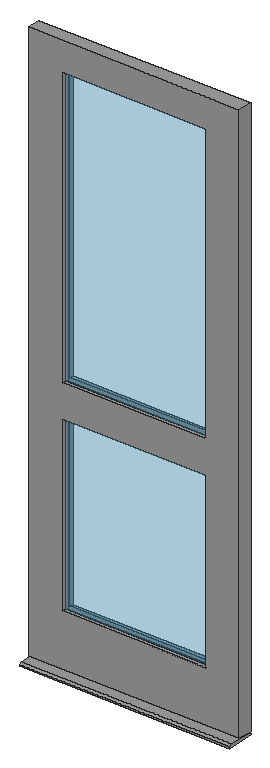
Revit family "WS-500TC-DOOR-1-PD-SF_v05", category Curtain Panels, Revit 2015
Parameters
  Width [instance] = 3' - 2"
  URL = "obe.com"
  Type Comments = ""
  Rough Width [instance] = 0' - 0"
  Offset [instance] = 0' - 0"
  Model = "WS-500TC DOOR"
  Min-Max Rough Width [instance] = if(and((Rough Width > 2' 11 255/256"), (Rough Width < 3' 6 1/256")), Rough Width, 3' 0")  # 3' - 0"
  Manufacturer = "Oldcastle BuildingEnvelope®"
  Keynote = "08 11 00"
  Height [instance] = 8' - 0"
  Pushbar Height [instance] = 3' - 5 1/4"  # constant formula
  Glass Material = Glass
  Frame Material = Aluminum
  Door Panel Height [instance] = Height + 0' 0 21/32"  # 8' - 0 21/32"
  Description = "WS-500TC 1 Door Infill"
  Assembly Code = "B2030"
  Analytic Construction = "<None>"
  8 Muntin [instance] = not([4 Muntin])  # no
  4 Muntin [instance] = yes
  8 Bottom Rail [instance] = not([10 Bottom Rail])  # yes
  10 Bottom Rail [instance] = no
Reference planes (in)
  plane 1 "Front": y = 0
  plane 2: z = 0
  plane 3 "Center (Left/Right)": x = 0
  plane 4 "Left": x = -19
  plane 5 "Right": x = 19
  plane 6 "Top": z = 96
  plane 7: x = -18
  plane 8: x = 18
Text (in)
  text "Exterior" at (-54.29358, 31.38743, 0), in view "Ref. Level"
  text "Exterior" at (480, 41.53993, 89.60405), in view "Right"
  text "Exterior" at (-240, 57.82419, 105.78864), in view "Left"
Dimensions and locks (in)
  equal spacing: plane 4 "Left", plane 3 "Center (Left/Right)", plane 5 "Right"
  "Width": plane 4 "Left" to plane 5 "Right"
  "Height": plane 6 "Top" to plane 2
  equal spacing: plane 7, plane 3 "Center (Left/Right)", plane 8
  "Min-Max Rough Width": plane 7 to plane 8
  aligned and locked: level to plane 2
  aligned and locked: plane 3 "Center (Left/Right)" to nested 1
  aligned and locked: plane 1 "Front" to nested 1
Nested families (in)
  nested 1: "WS-500TC-DOOR-1-PD-Panel_v05" at (0, -19, 0), Frame Material <- "Frame Material", Glass Material <- "Glass Material", 4 Muntin <- "4 Muntin", 8 Muntin <- "8 Muntin", 8 Bottom Rail <- "8 Bottom Rail", Height <- "Door Panel Height", Width <- "Min-Max Rough Width", Offset <- "Offset", type "WS-500TC-DOOR-1-PD-Panel_v05"
    with built-in parameter 1001301 3' - 0", Pushbar Height 3' - 5 1/4", Offset 0' - 0", Hinge yes, built-in parameter 1001300 8' - 0 21/32", Glass at Muntin 0' - 4 9/16", Glass Material Glass, Frame Material Aluminum, Bottom Rail 0' - 8 29/32", 8 Muntin no, 8 Bottom Rail yes, 4 Muntin yes, 10 Bottom Rail no
Definition of nested family "WS-500TC-DOOR-1-PD-Panel_v05"
  Parameters (values of type "WS-500TC-DOOR-1-PD-Panel_v05")
    Width [instance] = 4' - 0"
    Pushbar Height [instance] = 3' - 5 1/4"  # constant formula
    Offset [instance] = 0' - 3"
    Hinge [instance] = yes
    Height [instance] = 8' - 0"
    Glass at Muntin [instance] = if([4 Muntin], 0' 4 9/16", 0' 8 9/16")  # 0' - 4 9/16"
    Glass Material [instance] = none
    Frame Material [instance] = none
    Bottom Rail [instance] = if([10 Bottom Rail], 0' 10 29/32", 0' 8 29/32")  # 0' - 8 29/32"
    Analytic Construction = "<None>"
    8 Muntin [instance] = not([4 Muntin])  # no
    4 Muntin [instance] = yes
    8 Bottom Rail [instance] = yes
    10 Bottom Rail [instance] = not([8 Bottom Rail])  # no
  Reference planes (in)
    plane 1 "00": y = 14.875
    plane 2: z = 0
    plane 3 "Center (Left/Right)": x = 0
    plane 4: z = 96
    plane 5: x = -24
    plane 6: x = 24
    plane 7 "Center (Front/Back)": y = 19
    plane 8 "Exterior": y = 15.375
    plane 9: z = 48
    plane 10: z = 92.96875
    plane 11: z = 90.87879
    plane 12: z = 38.96875
    plane 13: z = 43.53125
    plane 14: z = 8.90625
    plane 15: y = 16
    plane 16: z = 41.25
  Forms (in)
    Sweep 1, solid, material <- "Frame Material"
      path origin (0, 5, 0) x (1, 0, 0) y (0, 0, 1)
        loop
          line (-23.74884, 96) -> (23.74884, 96)
      profile origin (0, 5, 96) x (0, 0, 1) y (0, -1, 0)
        loop
          line (-5.53121, -10.375) -> (-5.53121, -10.99855) -> (-0.65625, -10.99855) -> (-0.65625, -8.74755) -> (-5.53121, -8.74755) -> (-5.53121, -9.375) -> (-5.12121, -9.375) -> (-5.12121, -10.375) -> (-5.53121, -10.375)
    Sweep 2, solid, material <- "Frame Material"
      path origin (0, 14.875, 0) x (1, 0, 0) y (0, 0, 1)
        loop
          line (23.74884, 0) -> (-23.74884, 0)
      profile origin (0, 14.875, 0) x (0, 0, -1) y (0, -1, 0)
        loop
          line (-9.43778, 1.12745) -> (-9.43778, 0.50024) -> (-8.90649, 0.50024) -> (-8.90649, -0.49976) -> (-9.43796, -0.5) -> (-9.43796, -1.12355) -> (-8.90649, -1.12355) -> (-0.68754, -1.12355) -> (-0.68754, 1.12745) -> (-9.43778, 1.12745)
        loop
          line (-0.5, -0.86754) -> (-0.25001, -1.36755) -> (0, -1.36755) -> (0, 3.13245) -> (-0.25001, 3.13245) -> (-0.5, 2.63246) -> (-0.5, -0.86754)
    Sweep 3, solid, material <- "Frame Material"
      path origin (0, 14.875, 0) x (1, 0, 0) y (0, 0, 1)
        loop
          line (24, 95.34375) -> (24, 0.68754)
      profile origin (24, 14.875, 48.01565) x (0, -1, 0) y (1, 0, 0)
        loop
          line (-1.12355, -0.09375) -> (-1.12355, -5.84371) -> (-0.5, -5.84371) -> (-0.5, -5.43371) -> (0.252, -5.43371) -> (0.5, -5.43371) -> (0.5, -5.84371) -> (1.12745, -5.84371) -> (1.12745, -0.25116) -> (-1.12355, -0.09375)
    Sweep 4, solid, material <- "Frame Material"
      path origin (0, 14.875, 0) x (1, 0, 0) y (0, 0, 1)
        loop
          line (-24, 95.34375) -> (-24, 0.68754)
      profile origin (-24, 14.875, 48.01565) x (0, -1, 0) y (1, 0, 0)
        loop
          line (-1.125, 5.84371) -> (-1.125, 0.09365) -> (1.12745, 0.25116) -> (1.12745, 5.84371) -> (0.5, 5.84371) -> (0.5, 5.43371) -> (-0.5, 5.43371) -> (-0.5, 5.84371) -> (-1.125, 5.84371)
    Sweep 5, solid, material <- "Frame Material"
      path origin (0, 14.875, 0) x (1, 0, 0) y (0, 0, 1)
        loop
          line (23.74884, 48) -> (-23.74884, 48)
      profile origin (0, 14.875, 48) x (0, 0, -1) y (0, -1, 0)
        loop
          line (3.93679, 0.5) -> (4.46875, 0.5) -> (4.46875, -0.5) -> (3.93679, -0.5) -> (3.93679, -1.12355) -> (9.44125, -1.12355) -> (9.44125, -0.5) -> (9.03125, -0.5) -> (9.03125, 0.5) -> (9.44125, 0.5) -> (9.44125, 1.12745) -> (3.93679, 1.12745) -> (3.93679, 0.5)
    Extrusion 6, solid, material <- "Glass Material", detail levels coarse
      sketch origin (0, 0, 0) x (1, 0, 0) y (0, 1, 0)
        loop
          line (-18.56629, 14.375) -> (18.56629, 14.375) -> (18.56629, 15.375) -> (-18.56629, 15.375) -> (-18.56629, 14.375)
      from 43.53125 to 90.87879
    Extrusion 7, solid, material <- "Glass Material", detail levels medium+fine
      sketch origin (0, 0, 0) x (1, 0, 0) y (0, 1, 0)
        loop
          line (-18.56629, 14.37476) -> (18.56629, 14.37476) -> (18.56629, 14.62276) -> (-18.56629, 14.62276) -> (-18.56629, 14.37476)
        loop
          line (18.56629, 15.375) -> (-18.56629, 15.375) -> (-18.56629, 15.127) -> (18.56629, 15.127) -> (18.56629, 15.375)
      from 43.53125 to 90.87879
    Extrusion 8, solid, material <- "Glass Material", detail levels coarse
      sketch origin (0, 0, 0) x (1, 0, 0) y (0, 1, 0)
        loop
          line (-18.56629, 14.375) -> (18.56629, 14.375) -> (18.56629, 15.375) -> (-18.56629, 15.375) -> (-18.56629, 14.375)
      from 8.90625 to 38.96875
    Extrusion 9, solid, material <- "Glass Material", detail levels medium+fine
      sketch origin (0, 0, 0) x (1, 0, 0) y (0, 1, 0)
        loop
          line (-18.56629, 14.375) -> (18.56629, 14.375) -> (18.56629, 14.623) -> (-18.56629, 14.623) -> (-18.56629, 14.375)
        loop
          line (-18.56629, 15.127) -> (18.56629, 15.127) -> (18.56629, 15.375) -> (-18.56629, 15.375) -> (-18.56629, 15.127)
      from 8.90625 to 38.96875
  Cuts and joins
    joined: Sweep 1, Sweep 2, Sweep 3, Sweep 4, Sweep 5
  Lines and regions (in)
    model lines
      curve 1: line (-18.15629, 14.875, 48) -> (18.15629, 14.875, 9.43778)
      curve 2: line (-18.15629, 14.875, 48) -> (18.15629, 14.875, 90.46879)
  Dimensions and locks (in)
    "Offset": plane 15 to plane 7 "Center (Front/Back)"
    plane 1 "00" to plane 8 "Exterior" to plane 15 = 0' - 0 1/2" locked, 0' - 0 5/8" locked
    equal spacing: level, plane 9, plane 4
    locked: plane 4 to plane 10 at 3.03125
    Extrusion 7 sketch curve to Extrusion 7 sketch curve to Extrusion 7 sketch curve to Extrusion 7 sketch curve = 0' - 0.248" locked, 0' - 0.50424" locked, 0' - 0.248" locked
    Extrusion 8 sketch curve to plane 1 "00" to Extrusion 8 sketch curve = 0' - 0 1/2" locked, 0' - 0 1/2" locked
    Extrusion 9 sketch curve to Extrusion 9 sketch curve to plane 1 "00" to Extrusion 9 sketch curve to Extrusion 9 sketch curve = 0' - 0.248" locked, 0' - 0.252" locked, 0' - 0.252" locked, 0' - 0.248" locked
    "Glass at Muntin": plane 12 to plane 13
    locked: plane 11 to plane 4 at 5.12121
    "Height": plane 4 to plane 2
    locked: Sweep 1 sketch curve to plane 11 at 0.41  (x2)
    "Bottom Rail": plane 14 to plane 2
    locked: plane 14 to Sweep 2 sketch curve at 0.53153
    locked: Sweep 2 sketch curve to plane 14 at 0.53171
    Extrusion 6 sketch curve to Extrusion 6 sketch curve to plane 8 "Exterior" = 0' - 1" locked, 0' - 0" locked
    locked: plane 13 to Sweep 5 sketch curve at 0.53196  (x2)
    locked: Sweep 5 sketch curve to plane 12 at 0.41  (x2)
    equal spacing: plane 5, plane 3 "Center (Left/Right)", plane 6
    "Width": plane 5 to plane 6
    equal spacing: plane 12, plane 16, plane 13
    "Pushbar Height": plane 2 to plane 16
    locked: plane 2 to Sweep 3 sketch curve at 0.68754
    locked: plane 2 to Sweep 4 sketch curve at 0.68754
    aligned and locked: plane 2 to level
    aligned and locked: Sweep 1 sketch curve to plane 4
    aligned and locked: Sweep 2 sketch curve to level
    aligned and locked: Sweep 5 sketch curve to plane 9
    aligned and locked: Extrusion 7 to plane 11
    aligned and locked: Extrusion 6 to plane 11
    aligned and locked: plane 13 to Extrusion 7
    aligned and locked: Extrusion 9 to plane 12
    aligned and locked: Extrusion 8 to plane 12
    aligned and locked: plane 9 to curve 1
    aligned and locked: Extrusion 9 to plane 14
    aligned and locked: Extrusion 8 to plane 14
    aligned and locked: Sweep 3 sketch curve to plane 6
    aligned and locked: Sweep 4 sketch curve to plane 5
    aligned and locked: plane 13 to Extrusion 6
    aligned and locked: Sweep 3 sketch curve to Sweep 3 sketch curve
    aligned and locked: Sweep 4 sketch curve to plane 15
    aligned and locked: Sweep 4 sketch curve to Sweep 4 sketch curve
    aligned and locked: Sweep 4 sketch curve to plane 8 "Exterior"
    aligned and locked: cut or joined group of Sweep 1, Sweep 2, Sweep 3, Sweep 4, Sweep 5 to Sweep 4 sketch curve
    aligned and locked: Sweep 3 sketch curve to cut or joined group of Sweep 1, Sweep 2, Sweep 3, Sweep 4, Sweep 5
    aligned and locked: Extrusion 9 sketch curve to Extrusion 9 sketch curve  (x2)
    aligned and locked: cut or joined group of Sweep 1, Sweep 2, Sweep 3, Sweep 4, Sweep 5 to Extrusion 8 sketch curve
    aligned and locked: Extrusion 8 sketch curve to cut or joined group of Sweep 1, Sweep 2, Sweep 3, Sweep 4, Sweep 5
    aligned and locked: Extrusion 7 sketch curve to Extrusion 7 sketch curve  (x2)
    aligned and locked: Extrusion 6 sketch curve to cut or joined group of Sweep 1, Sweep 2, Sweep 3, Sweep 4, Sweep 5
  Automatic sketch dimensions
    plane 1 "00" to Sweep 1 sketch curve = 0' - 1.12745"
    profile plane to Sweep 1 sketch curve = 0' - 0 21/32"
    plane 1 "00" to Sweep 1 sketch curve = 0' - 0 1/2"
    Sweep 1 sketch curve to plane 1 "00" = 0' - 0 1/2"
    Sweep 1 sketch curve to plane 1 "00" = 0' - 1.12355"
    Sweep 1 sketch curve to Sweep 1 sketch curve = 0' - 0.41"
    plane 1 "00" to Sweep 5 sketch curve = 0' - 0 1/2"  (x2)
    Sweep 5 sketch curve to Sweep 5 sketch curve = 0' - 0.53196"
    Sweep 5 sketch curve to plane 1 "00" = 0' - 0 1/2"  (x2)
    Sweep 5 sketch curve to Sweep 5 sketch curve = 0' - 0.62355"
    Sweep 5 sketch curve to Sweep 5 sketch curve = 0' - 0.62745"
    Sweep 2 sketch curve to profile plane = 0' - 0"
    Sweep 2 sketch curve to Sweep 2 sketch curve = 0' - 0.53128"
    Sweep 2 sketch curve to plane 1 "00" = 0' - 0.49976"
    Sweep 2 sketch curve to Sweep 2 sketch curve = 0' - 0"  (x2)
    profile plane to Sweep 2 sketch curve = 0' - 0 1/4"  (x2)
    Sweep 2 sketch curve to Sweep 2 sketch curve = 0' - 0.62379"
    plane 1 "00" to Sweep 2 sketch curve = 0' - 0.50024"
    Sweep 2 sketch curve to Sweep 2 sketch curve = 0' - 0.62721"
    Sweep 2 sketch curve to Sweep 2 sketch curve = 0' - 1.50501"
    Sweep 2 sketch curve to Sweep 2 sketch curve = 0' - 0 1/2"
    Sweep 2 sketch curve to plane 1 "00" = 0' - 0 1/2"
    Sweep 5 sketch curve to Sweep 5 sketch curve = 0' - 0.41"
    Sweep 2 sketch curve to Sweep 2 sketch curve = 0' - 0.18754"
    Sweep 2 sketch curve to Sweep 2 sketch curve = 0' - 0.43753"
    Sweep 2 sketch curve to Sweep 2 sketch curve = 0' - 0.244"
    Sweep 2 sketch curve to Sweep 2 sketch curve = 0' - 0.25601"
    Sweep 3 sketch curve to Sweep 3 sketch curve = 0' - 0.248"
    profile plane to Sweep 3 sketch curve = 0' - 0 3/32"
    plane 5 to Sweep 2 sketch curve = 0' - 0.25116"
    Sweep 2 sketch curve to plane 6 = 0' - 0.25116"
    plane 5 to Sweep 5 sketch curve = 0' - 0.25116"
    Sweep 5 sketch curve to plane 6 = 0' - 0.25116"
    plane 5 to Sweep 1 sketch curve = 0' - 0.25116"
    Sweep 1 sketch curve to plane 6 = 0' - 0.25116"
    plane 5 to curve 2 = 0' - 5.84371"
    plane 11 to curve 2 = 0' - 0.41"
    curve 2 to plane 6 = 0' - 5.84371"
    plane 14 to curve 1 = 0' - 0.53153"
    curve 1 to plane 6 = 0' - 5.84371"
    Sweep 3 sketch curve to plane 1 "00" = 0' - 1.12355"
    Sweep 3 sketch curve to plane 1 "00" = 0' - 0 1/2"
    plane 1 "00" to Sweep 3 sketch curve = 0' - 0.252"
    Sweep 3 sketch curve to Sweep 3 sketch curve = 0' - 0.62745"
    profile plane to Sweep 3 sketch curve = 0' - 0.25116"
    Sweep 3 sketch curve to Sweep 3 sketch curve = 0' - 5.18255"
    Sweep 3 sketch curve to Sweep 3 sketch curve = 0' - 0.41"
    plane 1 "00" to Sweep 4 sketch curve = 0' - 0 1/2"
    Sweep 4 sketch curve to profile plane = 0' - 0.25116"
    plane 1 "00" to Sweep 4 sketch curve = 0' - 1.12745"
    Sweep 4 sketch curve to profile plane = 0' - 0.09365"
    Sweep 4 sketch curve to Sweep 4 sketch curve = 0' - 5.18255"
    Sweep 4 sketch curve to Sweep 4 sketch curve = 0' - 0.41"
    Extrusion 6 sketch curve to plane 6 = 0' - 5.43371"
    plane 8 "Exterior" to Extrusion 7 sketch curve = 0' - 0"
    plane 5 to Extrusion 7 sketch curve = 0' - 5.43371"
    Extrusion 7 sketch curve to plane 6 = 0' - 5.43371"
    plane 5 to Extrusion 9 sketch curve = 0' - 5.43371"
    Extrusion 9 sketch curve to plane 6 = 0' - 5.43371"
